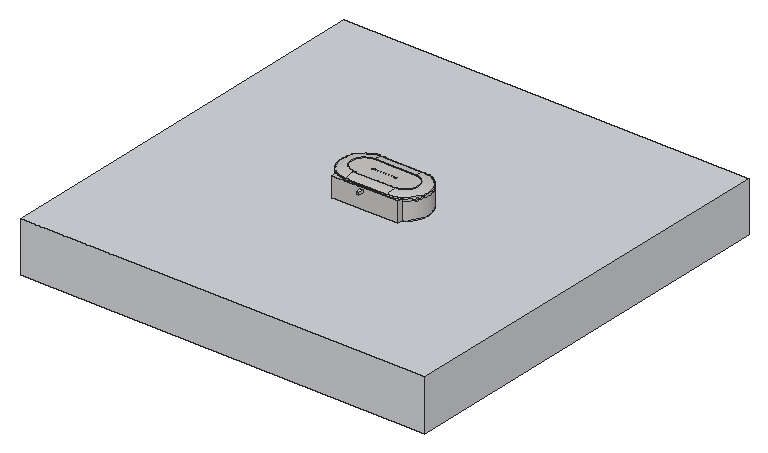
Revit family
Parameters (values of type "B-2892")
  URL = "http://www.bobrick.com"
  Type Comments = "Satin Finish"
  Product Page URL = ""
  Model = "B-2892"
  Manufacturer = "Bobrick Washroom Equipment, Inc."
  Finish Material = Stainless Steel - Bobrick - Satin
  Description = "Surface-Mounted Twin Jumbo-Roll Toilet Tissue Dispenser"
  Default Elevation = 2' - 6"
  Assembly Code = "C1030200"
  ADA Compliant = yes
Reference planes (in)
  plane 1 "Center (Front/Back)": y = 0
  plane 2: z = 0
  plane 3 "Center (Left/Right)": x = 0
  plane 4 "Left": x = -10.40625
  plane 5 "Right": x = 10.40625
  plane 6 "Top": y = 5.6875
  plane 7 "Bottom": y = -5.6875
  plane 8: z = 5.3125
  plane 9: z = 4.1875
  plane 10: z = 4.6875
  plane 11: x = -7.8125
  plane 12: x = 7.8125
  plane 13: y = -4.3125
  plane 14: z = 0.0625
  plane 15: z = 3.5625
  plane 16: y = 5.8125
  plane 17: x = -1.28125
  plane 18: x = -0.65625
  plane 19: y = -6.6875
  plane 20: z = 1.3125
  plane 21: x = 2.84375
  plane 22: x = -5.15625
  plane 23: x = 5.15625
  plane 24: x = -4.90625
  plane 25: x = 4.90625
  plane 26: y = 5.625
  plane 27: y = -5.25
Forms (in)
  Extrusion 1, solid
    sketch origin (0, 0, 0) x (1, 0, 0) y (0, 1, 0)
      loop
        line (-48, 48) -> (-48, -48) -> (48, -48) -> (48, 48) -> (-48, 48)
    from 0 to -12
  Extrusion 2, solid, material "Stainless Steel - Bobrick - Satin" <- "Finish Material"
    sketch origin (0, 0, 0) x (1, 0, 0) y (0, 1, 0)
      loop
        arc (-4.90625, 5.6875) -> (-10.40625, 0.1875) -> (-4.90625, -5.3125) r 5.5
        line (-4.90625, -5.3125) -> (4.90625, -5.3125)
        arc (4.90625, -5.3125) -> (10.40625, 0.1875) -> (4.90625, 5.6875) r 5.5
        line (4.90625, 5.6875) -> (-4.90625, 5.6875)
      loop
        arc (-4.90625, 5.625) -> (-10.34375, 0.1875) -> (-4.90625, -5.25) r 5.4375
        line (-4.90625, -5.25) -> (4.90625, -5.25)
        arc (4.90625, -5.25) -> (10.34375, 0.1875) -> (4.90625, 5.625) r 5.4375
        line (4.90625, 5.625) -> (-4.90625, 5.625)
    from 0 to 4.1875
  Sweep 3, solid, material "Stainless Steel - Bobrick - Satin" <- "Finish Material"
    path origin (0, 0, 0) x (1, 0, 0) y (0, 1, 0)
      loop
        line (4.90625, 5.6875) -> (-4.90625, 5.6875)
        arc (-4.90625, 5.6875) -> (-10.40625, 0.1875) -> (-4.90625, -5.3125) r 5.5
        line (-4.90625, -5.3125) -> (4.90625, -5.3125)
        arc (4.90625, -5.3125) -> (10.40625, 0.1875) -> (4.90625, 5.6875) r 5.5
    profile origin (0, 5.6875, 0) x (0, -1, 0) y (0, 0, 1)
      loop
        line (0, 4.1875) -> (0.0625, 4.1875) -> (0.0625, 4.71031)
        arc (0.0625, 4.71031) -> (1.25173, 5.11346) -> (2.5, 5.25) r 5.77431
        line (2.5, 5.25) -> (2.5, 5.3125)
        arc (2.5, 5.3125) -> (1.25807, 5.17884) -> (0.07302, 4.784) r 5.83681
        arc (0.07302, 4.784) -> (0.01983, 4.73787) -> (0, 4.67032) r 0.125
        line (0, 4.67032) -> (0, 4.1875)
  Extrusion 4, solid, material "Stainless Steel - Bobrick - Satin" <- "Finish Material"
    sketch origin (0, 0, 0) x (1, 0, 0) y (0, 1, 0)
      loop
        arc (4.90625, -2.8125) -> (7.90625, 0.1875) -> (4.90625, 3.1875) r 3
        line (4.90625, 3.1875) -> (-4.90625, 3.1875)
        arc (-4.90625, 3.1875) -> (-7.90625, 0.1875) -> (-4.90625, -2.8125) r 3
        line (-4.90625, -2.8125) -> (4.90625, -2.8125)
      loop
        arc (-2.84375, 0.15625) -> (-3, 0) -> (-2.84375, -0.15625) r 0.15625
        line (-2.84375, -0.15625) -> (2.84375, -0.15625)
        arc (2.84375, -0.15625) -> (3, 0) -> (2.84375, 0.15625) r 0.15625
        line (2.84375, 0.15625) -> (-2.84375, 0.15625)
    from 5.25 to 5.3125
  Extrusion 5, solid, material "Stainless Steel - Bobrick - Satin" <- "Finish Material"
    sketch origin (0, 0, 0) x (1, 0, 0) y (0, 1, 0)
      loop
        line (-7.8125, -5.6875) -> (7.8125, -5.6875) -> (7.8125, -4.3125) -> (-7.8125, -4.3125) -> (-7.8125, -5.6875)
    from 0 to 4.6875
  Extrusion 6, solid, material "Tissue - Bobrick", detail levels medium+fine
    sketch origin (0, 0, 0) x (1, 0, 0) y (0, 1, 0)
      loop
        circle (-5.15625, 0.1875) r 5
      loop
        circle (-5.15625, 0.1875) r 1.5
      loop
        circle (5.15625, 0.1875) r 5
      loop
        circle (5.15625, 0.1875) r 1.5
    from 0.0625 to 4.1875
  Extrusion 7, solid, material "Stainless Steel - Bobrick - Satin" <- "Finish Material"
    sketch origin (0, 0, 0) x (1, 0, 0) y (0, 1, 0)
      loop
        line (4.90625, 5.6875) -> (-4.90625, 5.6875)
        arc (-4.90625, 5.6875) -> (-10.40625, 0.1875) -> (-4.90625, -5.3125) r 5.5
        line (-4.90625, -5.3125) -> (4.90625, -5.3125)
        arc (4.90625, -5.3125) -> (10.40625, 0.1875) -> (4.90625, 5.6875) r 5.5
    from 0 to 0.0625
  Extrusion 8, solid, material "Stainless Steel - Bobrick - Satin" <- "Finish Material", detail levels fine
    sketch origin (0, 0, 0) x (0, 1, 0) y (0, 0, 1)
      loop
        line (-5.6875, 4.1875) -> (-6.6875, 3.875) -> (-6.6875, 3.5625) -> (-5.6875, 3.5625) -> (-5.6875, 4.1875)
    from -1.28125 to -0.65625
Cuts and joins
  joined: Extrusion 2, Extrusion 5, Extrusion 7
Lines and regions (in)
  Masking region 1
    outline origin (0, 0, 0) x (1, 0, 0) y (0, 1, 0)
      loop
        arc (-4.90625, 5.6875) -> (-10.19454, 1.6988) -> (-7.8125, -4.48194) r 5.5
        line (-7.8125, -4.48194) -> (-7.8125, -5.6875) -> (7.8125, -5.6875) -> (7.8125, -4.48194)
        arc (7.8125, -4.48194) -> (10.19454, 1.6988) -> (4.90625, 5.6875) r 5.5
        line (4.90625, 5.6875) -> (-4.90625, 5.6875)
  Masking region 2, detail levels fine
    outline origin (0, 0, 0) x (1, 0, 0) y (0, 1, 0)
      loop
        line (-1.28125, -5.6875) -> (-1.28125, -6.6875) -> (-0.65625, -6.6875) -> (-0.65625, -5.6875) -> (-1.28125, -5.6875)
  Masking region 3
    outline origin (0, 0, 0) x (1, 0, 0) y (0, 0, 1)
      loop
        line (10.40625, 0) -> (10.40625, 4.68012)
        arc (10.40625, 4.68012) -> (10.3859, 4.74848) -> (10.33147, 4.79459) r 0.125
        arc (10.33147, 4.79459) -> (9.09937, 5.18671) -> (7.8125, 5.3125) r 6.14873
        line (7.8125, 5.3125) -> (-7.8125, 5.3125)
        arc (-7.8125, 5.3125) -> (-9.09937, 5.18671) -> (-10.33147, 4.79459) r 6.14873
        arc (-10.33147, 4.79459) -> (-10.3859, 4.74848) -> (-10.40625, 4.68012) r 0.125
        line (-10.40625, 4.68012) -> (-10.40625, 0) -> (10.40625, 0)
  Masking region 4
    outline origin (0, 0, 0) x (0, 1, 0) y (0, 0, 1)
      loop
        line (5.6875, 0) -> (5.6875, 4.1875) -> (5.6875, 4.67293)
        arc (5.6875, 4.67293) -> (5.66755, 4.74067) -> (5.61407, 4.7868) r 0.125
        arc (5.61407, 4.7868) -> (4.42874, 5.17867) -> (3.1875, 5.3125) r 5.90286
        line (3.1875, 5.3125) -> (-2.8125, 5.3125)
        arc (-2.8125, 5.3125) -> (-4.05374, 5.17867) -> (-5.23907, 4.7868) r 5.90286
        arc (-5.23907, 4.7868) -> (-5.28842, 4.74669) -> (-5.31165, 4.6875) r 0.125
        line (-5.31165, 4.6875) -> (-5.6875, 4.6875) -> (-5.6875, 0) -> (5.6875, 0)
  Masking region 5, detail levels fine
    outline origin (0, 0, 0) x (0, 1, 0) y (0, 0, 1)
      loop
        line (-5.6875, 3.5625) -> (-5.6875, 4.1875) -> (-6.6875, 3.875) -> (-6.6875, 3.5625) -> (-5.6875, 3.5625)
  symbolic lines, style "Restroom Accessories"
    curve 1: line (4.90625, 3.1875, 0) -> (-4.90625, 3.1875, 0)
    curve 2: arc (-4.90625, 3.1875, 0) -> (-7.90625, 0.1875, 0) -> (-4.90625, -2.8125, 0) r 3
    curve 3: line (-4.90625, -2.8125, 0) -> (4.90625, -2.8125, 0)
    curve 4: arc (4.90625, -2.8125, 0) -> (7.90625, 0.1875, 0) -> (4.90625, 3.1875, 0) r 3
    curve 5: line (-2.84375, 0.15625, 0) -> (2.84375, 0.15625, 0)
    curve 6: arc (2.84375, 0.15625, 0) -> (3, 0, 0) -> (2.84375, -0.15625, 0) r 0.15625
    curve 7: line (2.84375, -0.15625, 0) -> (-2.84375, -0.15625, 0)
    curve 8: arc (-2.84375, -0.15625, 0) -> (-3, 0, 0) -> (-2.84375, 0.15625, 0) r 0.15625
    curve 11: arc (4.90625, -5.3125, 0) -> (6.41609, -5.1012, 0) -> (7.80993, -4.48355, 0) r 5.5
    curve 12: arc (-4.90625, -5.3125, 0) -> (-6.41609, -5.1012, 0) -> (-7.80993, -4.48355, 0) r 5.5
    curve 13: line (-4.90625, -5.3125, 0) -> (4.90625, -5.3125, 0)
    curve 14: line (10.40625, 0, 4.1875) -> (-10.40625, 0, 4.1875)
    curve 15: line (0, 5.6875, 4.1875) -> (0, -4.3125, 4.1875)
    curve 16: line (0, -4.3125, 0) -> (0, -4.3125, 4.6875)
    curve 17: line (0, -4.3125, 4.6875) -> (0, -5.31165, 4.6875)
  symbolic lines, style "Restroom Accessories", detail levels medium+fine
    curve 9: arc (-0.16808, -0.15625, 0) -> (-0.15977, -0.00009, 0) -> (-0.15635, 0.15625, 0) r 5
    curve 10: arc (0.15635, 0.15625, 0) -> (0.15977, -0.00009, 0) -> (0.16808, -0.15625, 0) r 5
Dimensions and locks (in)
  equal spacing: plane 4 "Left", plane 3 "Center (Left/Right)", plane 5 "Right"
  equal spacing: plane 6 "Top", plane 1 "Center (Front/Back)", plane 7 "Bottom"
  plane 6 "Top" to plane 7 "Bottom" = 0' - 11 3/8"
  locked: plane 4 "Left" to plane 5 "Right" at 20.8125
  locked: plane 8 to level at 5.3125
  locked: plane 8 to plane 9 at 1.125
  plane 10 to level = 0' - 4 11/16"
  equal spacing: plane 11, plane 3 "Center (Left/Right)", plane 12
  locked: plane 11 to plane 12 at 15.625
  locked: plane 7 "Bottom" to plane 13 at 1.375
  locked: plane 14 to level at 0.0625
  locked: plane 15 to level at 3.5625
  locked: plane 16 to plane 6 "Top" at 0.125
  plane 4 "Left" to plane 17 = 0' - 9 1/8"
  locked: plane 17 to plane 18 at 0.625
  plane 19 to cut or joined group of Extrusion 2, Extrusion 5, Extrusion 7 = 0' - 1"
  locked: Extrusion 8 sketch curve to Extrusion 8 sketch curve at 0.3125
  locked: plane 18 to plane 3 "Center (Left/Right)" at 0.65625
  locked: plane 21 to plane 12 at 4.96875
  locked: plane 4 "Left" to plane 22 at 5.25
  plane 23 to plane 5 "Right" = 0' - 5 1/4"
  locked: plane 22 to Extrusion 6 sketch curve at 0  (x2)
  locked: plane 23 to Extrusion 6 sketch curve at 0  (x2)
  locked: Sweep 3 to cut or joined group of Extrusion 2, Extrusion 5, Extrusion 7 at 0.0625
  locked: Sweep 3 to Sweep 3 at 0.0625
  locked: plane 4 "Left" to plane 24 at 5.5
  locked: plane 25 to plane 5 "Right" at 5.5
  locked: plane 16 to plane 26 at 0.1875
  locked: plane 7 "Bottom" to plane 27 at 0.4375
  aligned and locked: plane 2 to Extrusion 1
  aligned and locked: level to Extrusion 1
  aligned and locked: plane 9 to Extrusion 2
  aligned and locked: Sweep 3 sketch curve to Extrusion 2  (x4)
  aligned and locked: Extrusion 4 sketch curve to Sweep 3  (x2)
  aligned and locked: plane 8 to Extrusion 4
  aligned and locked: Extrusion 4 to Sweep 3
  aligned and locked: plane 7 "Bottom" to Extrusion 5 sketch curve
  aligned and locked: plane 11 to Extrusion 5 sketch curve
  aligned and locked: plane 13 to Extrusion 5 sketch curve
  aligned and locked: plane 12 to Extrusion 5 sketch curve
  aligned and locked: Extrusion 5 to plane 10
  aligned and locked: Extrusion 5 to level
  aligned and locked: Extrusion 2 to Extrusion 6
  aligned and locked: Extrusion 6 to plane 14
  aligned and locked: Extrusion 7 sketch curve to Extrusion 2  (x2)
  aligned and locked: Extrusion 7 to level
  aligned and locked: Extrusion 7 to Extrusion 6
  aligned and locked: plane 17 to Extrusion 8
  aligned and locked: Extrusion 8 to plane 18
  aligned and locked: Masking region 1 sketch curve to cut or joined group of Extrusion 2, Extrusion 5, Extrusion 7  (x2)
  aligned and locked: curve 2 to Extrusion 4
  aligned and locked: curve 4 to Extrusion 4
  aligned and locked: curve 6 to Extrusion 4
  aligned and locked: curve 8 to Extrusion 4
  aligned and locked: Masking region 3 sketch curve to cut or joined group of Extrusion 2, Extrusion 5, Extrusion 7
  aligned and locked: Masking region 3 sketch curve to plane 5 "Right"
  aligned and locked: plane 4 "Left" to Masking region 3 sketch curve
  aligned and locked: plane 8 to Masking region 3 sketch curve
  aligned and locked: curve 14 to cut or joined group of Extrusion 2, Extrusion 5, Extrusion 7
  aligned and locked: Masking region 4 sketch curve to cut or joined group of Extrusion 2, Extrusion 5, Extrusion 7  (x2)
  aligned and locked: Masking region 5 sketch curve to plane 7 "Bottom"
  aligned and locked: plane 13 to curve 16
  aligned and locked: Extrusion 8 to cut or joined group of Extrusion 2, Extrusion 5, Extrusion 7
  aligned and locked: plane 15 to Extrusion 8 sketch curve
  aligned and locked: plane 19 to Extrusion 8 sketch curve
  aligned and locked: plane 9 to Extrusion 8 sketch curve
  aligned and locked: plane 21 to Extrusion 4 sketch curve  (x2)
  aligned and locked: plane 24 to Extrusion 2 sketch curve  (x2)
  aligned and locked: Extrusion 2 sketch curve to plane 24  (x2)
  aligned and locked: plane 25 to Extrusion 2 sketch curve  (x4)
  aligned and locked: Extrusion 2 sketch curve to plane 26
  aligned and locked: plane 27 to Extrusion 2 sketch curve
  aligned and locked: Masking region 5 to Extrusion 8
  aligned and locked: Masking region 5 sketch curve to plane 15
  aligned and locked: Masking region 5 sketch curve to plane 19
  aligned and locked: cut or joined group of Extrusion 2, Extrusion 5, Extrusion 7 to plane 2
Automatic sketch dimensions
  Extrusion 1 sketch curve to Extrusion 1 sketch curve = 8' - 0"  (x2)
  Extrusion 6 sketch curve to Extrusion 6 sketch curve = 0' - 0"  (x2)
  Extrusion 6 sketch curve to plane 1 "Center (Front/Back)" = 0' - 0 3/16"  (x2)
  curve 2 to curve 12 = 0' - 0"  (x2)
  curve 4 to curve 11 = 0' - 0"  (x2)
  curve 9 to curve 12 = 0' - 0 1/4"
  curve 12 to plane 11 = 0' - 0.00257"
  curve 9 to plane 3 "Center (Left/Right)" = 0' - 0.16808"
  curve 9 to plane 3 "Center (Left/Right)" = 0' - 0.15635"
  plane 3 "Center (Left/Right)" to curve 10 = 0' - 0.15635"
  plane 3 "Center (Left/Right)" to curve 10 = 0' - 0.16808"
  curve 10 to plane 1 "Center (Front/Back)" = 0' - 0 3/16"
  curve 11 to plane 12 = 0' - 0.00257"
  curve 11 to plane 13 = 0' - 0.17105"
  curve 14 to plane 4 "Left" = 0' - 0"
  curve 14 to plane 5 "Right" = 0' - 0"
  Extrusion 2 sketch curve to Extrusion 2 sketch curve = 0' - 0"
  Extrusion 2 sketch curve to plane 6 "Top" = 0' - 0"
  Sweep 3 sketch curve to Sweep 3 sketch curve = 0' - 0"  (x3)
  Sweep 3 sketch curve to profile plane = 0' - 0 1/16"
  Sweep 3 sketch curve to profile plane = 0' - 0.07302"
  Sweep 3 sketch curve to Sweep 3 sketch curve = 0' - 0 1/16"
  Sweep 3 sketch curve to level = 0' - 0.52431"
  Sweep 3 sketch curve to profile plane = 0' - 2 1/2"
  Sweep 3 sketch curve to Sweep 3 sketch curve = 0' - 0.03999"
  plane 1 "Center (Front/Back)" to Extrusion 4 sketch curve = 0' - 0"
  plane 1 "Center (Front/Back)" to Extrusion 4 sketch curve = 0' - 0 5/32"
  plane 17 to Extrusion 4 sketch curve = 0' - 1 9/16"
  Extrusion 4 sketch curve to Extrusion 4 sketch curve = 0' - 0"
  plane 11 to Masking region 3 sketch curve = 0' - 0"
  Masking region 3 sketch curve to plane 12 = 0' - 0"
  plane 4 "Left" to Masking region 3 sketch curve = 0' - 0.07478"
  Masking region 3 sketch curve to Masking region 3 sketch curve = 0' - 0"
  plane 10 to Masking region 3 sketch curve = 0' - 0.00738"  (x2)
  Masking region 3 sketch curve to Masking region 3 sketch curve = 0' - 0.05022"  (x2)
  plane 12 to Masking region 3 sketch curve = 0' - 0.04856"
  Masking region 3 sketch curve to plane 5 "Right" = 0' - 0 1/8"
  curve 15 to plane 6 "Top" = 0' - 0"
  curve 16 to level = 0' - 0"
  curve 15 to plane 9 = 0' - 0"
  plane 10 to curve 16 = 0' - 0"
  curve 17 to plane 7 "Bottom" = 0' - 0.37585"
  plane 10 to Masking region 4 sketch curve = 0' - 0"
  Masking region 4 sketch curve to plane 9 = 0' - 0"
  Masking region 4 sketch curve to plane 7 "Bottom" = 0' - 0.37585"
  Masking region 4 sketch curve to Masking region 4 sketch curve = 0' - 0.07258"
  Masking region 4 sketch curve to Masking region 4 sketch curve = 0' - 0"
  Masking region 4 sketch curve to Masking region 4 sketch curve = 0' - 0.12415"
  plane 13 to Masking region 4 sketch curve = 0' - 1 1/2"
  Masking region 4 sketch curve to level = 0' - 0.59035"  (x2)
  Masking region 4 sketch curve to plane 6 "Top" = 0' - 2.5086"
  Masking region 4 sketch curve to plane 6 "Top" = 0' - 2 1/2"
  plane 10 to Masking region 4 sketch curve = 0' - 0.01457"
  Masking region 4 sketch curve to plane 6 "Top" = 0' - 0 1/8"
  Masking region 2 sketch curve to plane 17 = 0' - 0"
  Masking region 2 sketch curve to plane 18 = 0' - 0"
  Masking region 2 sketch curve to plane 19 = 0' - 0"
  plane 7 "Bottom" to Masking region 2 sketch curve = 0' - 0"
  Masking region 4 sketch curve to plane 7 "Bottom" = 0' - 0"
  Masking region 5 sketch curve to plane 8 = 0' - 1 7/16"
  Masking region 5 sketch curve to plane 8 = 0' - 1 1/8"
  Extrusion 8 sketch curve to plane 7 "Bottom" = 0' - 0"
  plane 7 "Bottom" to Masking region 1 sketch curve = 0' - 0"
  Masking region 1 sketch curve to plane 11 = 0' - 0"
  Masking region 1 sketch curve to plane 12 = 0' - 0"
  Masking region 4 sketch curve to plane 8 = 0' - 0"
  radius of Extrusion 6 sketch curve = 0' - 5"  (x2)
  radius of Extrusion 6 sketch curve = 0' - 1 1/2"  (x2)
